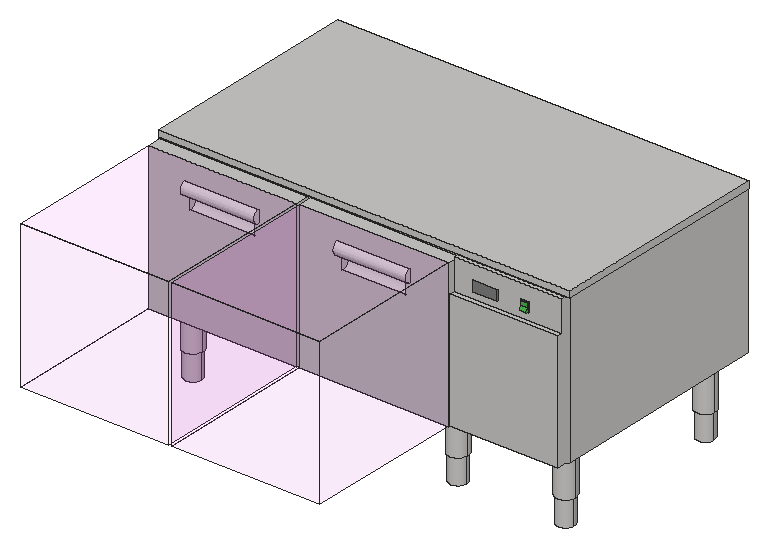
Revit family "QF_ZANUSSI_372290_Z7TTAECOMIN", category Specialty Equipment, Revit 2021
Family settings
  Round Connector Dimension = Use Diameter
  Part Type = Normal
  Work Plane-Based = No
  Always vertical = Yes
  Cut with Voids When Loaded = No
  Shared = No
  Room Calculation Point = No
Parameters (values of type "Standard")
  Weight = 95.00 kg
  Watts = 0 W
  Volts = 220 V
  URL Manufacturer = "http://www.zanussiprofessional.com"
  URL = "http://www.zanussiprofessional.com"
  Steam Supply Size = 0 mm
  Steam Supply Minimum Pressure = 0.0 Pa
  Steam Supply Maximum Pressure = 0.0 Pa
  Steam Pounds per Hour = 0
  Show Clearance [instance] = yes
  Refrigeration Suction Line Size = 0 mm
  Refrigeration Liquid Line Size = 0 mm
  Refrigerant Compressor Remote = yes
  Manufacturer = "Zanussi"
  Phase = 1
  Model = "Z7TTAECOMIN"
  Length Actual = 1200 mm
  Item Number = "372290"
  Hot Water Size = 0 mm
  Height Actual = 600 mm
  HP = "0.5 HP"
  Gas Size = 0 mm
  Gas KW = 0
  Gas Input Pressure = 0 W
  Direct Waste Size = 0 mm
  Description = "REFRIGERATED BASE WITH 2 DRAWERS 1200MM - R290"
  Depth Actual = 700 mm
  Default Elevation = 0 mm
  Cycle = 50 Hz
  Condensate Return Size = 0 mm
  Compressed Air Volume = 0.0 L/s
  Compressed Air Size = 0 mm
  Compressed Air Pressure = 0.0 Pa
  Cold Water Size = 0 mm
  Accessory = no
Reference planes
  plane 1 "Center X": y = -65.55
  plane 2: z = 0
  plane 3 "Centro (Sinistra/Destra)": x = 0
  plane 4: y = -315.05
  plane 5: y = 194.95
  plane 6 "BACK": y = 282.95
  plane 7 "FRONT": y = -414.05
  plane 8: y = -881.83
  plane 9: x = -544
  plane 10: x = 544
  plane 11: y = -369.551
  plane 12: x = 230
  plane 13: z = 200
  plane 14 "TOP": z = 630
  plane 15 "LEFT": x = -600
  plane 16 "RIGHT": x = 600
Forms (mm)
  Extrusion 1, solid, material "QF_Finishes_Stainless Steel"
    sketch origin (-1022.223, -1524, 200) x (-1, 0, 0) y (0, -1, 0)
      loop
        line (-423.223, -1806.95) -> (-423.223, -1154.449) -> (-1621.223, -1154.449) -> (-1621.223, -1806.95) -> (-423.223, -1806.95)
    from 0 to 430
  Extrusion 2, solid, material "QF_Finishes_Stainless Steel"
    sketch origin (599, 0, 0) x (0, 1, 0) y (0, 0, 1)
      loop
        line (-369.551, 629.527) -> (-386.314, 640.994) -> (-397.65, 640.994) -> (-397.65, 549.796) -> (-414.05, 549.796) -> (-414.05, 204.796) -> (-384.714, 204.796) -> (-374.993, 200) -> (-369.551, 200) -> (-369.551, 629.527)
    from 0 to -313
  Extrusion 3, solid, material "QF_Finishes_Black"
    sketch origin (567.8, -397.65, 630.994) x (0, 0, -1) y (1, 0, 0)
      loop
        line (32.198, -86.899) -> (61.199, -86.899) -> (61.199, -64.9) -> (32.198, -64.9) -> (32.198, -86.899)
    from 0 to 1.6
  Extrusion 4, solid, material "QF_Finishes_Grey"
    sketch origin (589, -397.65, 630.994) x (0, 0, -1) y (1, 0, 0)
      loop
        line (32.198, -248.099) -> (61.199, -248.099) -> (61.199, -178.099) -> (32.198, -178.099) -> (32.198, -248.099)
    from 0 to 1.6
  Extrusion 5, solid, material "QF_Finishes_Green"
    sketch origin (502.9, -397.65, 598.796) x (0, 0, -1) y (0, 1, 0)
      loop
        line (2.279, -3.281) -> (14.5, -3.281) -> (25.308, -8.985)
        arc (25.308, -8.985) -> (26.537, -5.394) -> (26.605, -1.6) r 12.221
        line (26.605, -1.6) -> (2.395, -1.6)
        arc (2.395, -1.6) -> (2.308, -2.439) -> (2.279, -3.281) r 12.221
    from -20 to -2
  Extrusion 6, solid, material "QF_Finishes_Stainless Steel"
    sketch origin (-1022.223, -1524, 200) x (-1, 0, 0) y (0, -1, 0)
      loop
        circle (-1581.223, -1646.95) r 12
    from -10 to 0
  Extrusion 7, solid, material "QF_Finishes_Stainless Steel"
    sketch origin (-599, 0, -5) x (0, 1, 0) y (0, 0, 1)
      loop
        line (-369.551, 635) -> (282.95, 635) -> (282.95, 655) -> (-369.551, 655) -> (-369.551, 635)
    from 1198 to 0
  Extrusion 8, solid, material "QF_Finishes_Handrails and Railings"
    sketch origin (-394.028, -157.946, 1924.198) x (0, 0.885087, 0.465426) y (0, -0.465426, 0.885087)
      loop
        arc (-854.629, -1074.965) -> (-878.641, -1082.427) -> (-871.18, -1106.439) r 17.78
        line (-871.18, -1106.439) -> (-854.629, -1074.965)
    from -93.472 to 121.528
  Extrusion 9, solid, material "QF_Finishes_Stainless Steel"
    sketch origin (-594.053, 285.95, 14.715) x (0, 1, 0) y (0, 0, 1)
      loop
        line (-700, 486.991) -> (-660.001, 486.991) -> (-660.001, 530.285) -> (-678.147, 530.285) -> (-678.147, 511.464)
        arc (-678.147, 511.464) -> (-684.405, 495.059) -> (-700, 486.991) r 24.63
    from 118.753 to 309.354
  Extrusion 10, solid, material "QF_Finishes_Handrails and Railings"
    sketch origin (47.972, -157.946, 1924.198) x (0, 0.885087, 0.465426) y (0, -0.465426, 0.885087)
      loop
        arc (-854.629, -1074.965) -> (-878.641, -1082.427) -> (-871.18, -1106.439) r 17.78
        line (-871.18, -1106.439) -> (-854.629, -1074.965)
    from -89.472 to 121.528
  Extrusion 11, solid, material "QF_Finishes_Stainless Steel"
    sketch origin (-152.053, 285.95, 14.715) x (0, 1, 0) y (0, 0, 1)
      loop
        line (-700, 486.991) -> (-660.001, 486.991) -> (-660.001, 530.285) -> (-678.147, 530.285) -> (-678.147, 511.464)
        arc (-678.147, 511.464) -> (-684.405, 495.059) -> (-700, 486.991) r 24.63
    from 122.753 to 309.354
  Extrusion 12, solid, material "QF_Door-Drawer Clearances", visible <- "Show Clearance"
    sketch origin (200, -414.05, 0) x (1, 0, 0) y (0, 0, 1)
      loop
        line (-795, 629.2) -> (-795, 201.587) -> (-360.999, 201.587) -> (-360.999, 629.2) -> (-795, 629.2)
      loop
        line (-353, 629.2) -> (-353, 201.587) -> (81, 201.587) -> (81, 629.2) -> (-353, 629.2)
    from 0 to 467.78
  Extrusion 13, solid, material "QF_Finishes_Stainless Steel"
    sketch origin (0, -414.05, 0) x (-1, 0, 0) y (0, 0, 1)
      loop
        line (595, 629.2) -> (160.999, 629.2) -> (160.999, 201.587) -> (595, 201.587) -> (595, 629.2)
      loop
        line (153, 629.2) -> (-281, 629.2) -> (-281, 201.587) -> (153, 201.587) -> (153, 629.2)
      loop
        line (475.3, 501.706) -> (475.3, 545) -> (284.699, 545) -> (284.699, 501.706) -> (475.3, 501.706)
      loop
        line (29.3, 501.706) -> (29.3, 545) -> (-157.301, 545) -> (-157.301, 501.706) -> (29.3, 501.706)
    from 0 to 40
Lines and regions (mm)
  Split face 1
    outline origin (589, -399.25, 630.994) x (0, 0, -1) y (1, 0, 0)
      loop
        line (37.198, -238.099) -> (52.198, -238.099) -> (52.198, -188.099) -> (37.198, -188.099) -> (37.198, -238.099)
  Split face 2
    outline origin (589, -399.25, 630.994) x (0, 0, -1) y (1, 0, 0)
      loop
        line (59.151, -238.099) -> (59.151, -227.099) -> (54.151, -227.099) -> (54.151, -238.099) -> (59.151, -238.099)
  Split face 3
    outline origin (589, -399.25, 630.994) x (0, 0, -1) y (1, 0, 0)
      loop
        line (54.151, -225.099) -> (59.151, -225.099) -> (59.151, -214.099) -> (54.151, -214.099) -> (54.151, -225.099)
  Split face 4
    outline origin (602, -399.25, 630.994) x (0, 0, -1) y (1, 0, 0)
      loop
        line (54.151, -225.099) -> (59.151, -225.099) -> (59.151, -214.099) -> (54.151, -214.099) -> (54.151, -225.099)
  Split face 5
    outline origin (615, -399.25, 630.994) x (0, 0, -1) y (1, 0, 0)
      loop
        line (54.151, -225.099) -> (59.151, -225.099) -> (59.151, -214.099) -> (54.151, -214.099) -> (54.151, -225.099)
  Split face 6
    outline origin (296, -414.05, 713.499) x (1, 0, 0) y (0, 0, 1)
      loop
        arc (52.48, -282.599) -> (56.5, -278.61) -> (52.5, -274.599) r 4
        line (52.5, -274.599) -> (20.5, -274.599)
        arc (20.5, -274.599) -> (16.5, -278.61) -> (20.521, -282.599) r 4
        line (20.521, -282.599) -> (52.48, -282.599)
  Split face 7
    outline origin (296, -414.05, 725.499) x (1, 0, 0) y (0, 0, 1)
      loop
        arc (52.48, -282.599) -> (56.5, -278.61) -> (52.5, -274.599) r 4
        line (52.5, -274.599) -> (20.5, -274.599)
        arc (20.5, -274.599) -> (16.5, -278.61) -> (20.521, -282.599) r 4
        line (20.521, -282.599) -> (52.48, -282.599)
  Split face 8
    outline origin (296, -414.05, 737.499) x (1, 0, 0) y (0, 0, 1)
      loop
        arc (52.48, -282.599) -> (56.5, -278.61) -> (52.5, -274.599) r 4
        line (52.5, -274.599) -> (20.5, -274.599)
        arc (20.5, -274.599) -> (16.5, -278.61) -> (20.521, -282.599) r 4
        line (20.521, -282.599) -> (52.48, -282.599)
  Split face 9
    outline origin (296, -414.05, 749.396) x (1, 0, 0) y (0, 0, 1)
      loop
        arc (52.48, -282.599) -> (56.5, -278.61) -> (52.5, -274.599) r 4
        line (52.5, -274.599) -> (20.5, -274.599)
        arc (20.5, -274.599) -> (16.5, -278.61) -> (20.521, -282.599) r 4
        line (20.521, -282.599) -> (52.48, -282.599)
  Split face 10
    outline origin (296, -414.05, 761.395) x (1, 0, 0) y (0, 0, 1)
      loop
        arc (52.48, -282.599) -> (56.5, -278.61) -> (52.5, -274.599) r 4
        line (52.5, -274.599) -> (20.5, -274.599)
        arc (20.5, -274.599) -> (16.5, -278.61) -> (20.521, -282.599) r 4
        line (20.521, -282.599) -> (52.48, -282.599)
  Split face 11
    outline origin (296, -414.05, 773.395) x (1, 0, 0) y (0, 0, 1)
      loop
        arc (52.48, -282.599) -> (56.5, -278.61) -> (52.5, -274.599) r 4
        line (52.5, -274.599) -> (20.5, -274.599)
        arc (20.5, -274.599) -> (16.5, -278.61) -> (20.521, -282.599) r 4
        line (20.521, -282.599) -> (52.48, -282.599)
  Split face 12
    outline origin (296, -414.05, 785.395) x (1, 0, 0) y (0, 0, 1)
      loop
        arc (52.48, -282.599) -> (56.5, -278.61) -> (52.5, -274.599) r 4
        line (52.5, -274.599) -> (20.5, -274.599)
        arc (20.5, -274.599) -> (16.5, -278.61) -> (20.521, -282.599) r 4
        line (20.521, -282.599) -> (52.48, -282.599)
  Split face 13
    outline origin (296, -414.05, 797.395) x (1, 0, 0) y (0, 0, 1)
      loop
        arc (52.48, -282.599) -> (56.5, -278.61) -> (52.5, -274.599) r 4
        line (52.5, -274.599) -> (20.5, -274.599)
        arc (20.5, -274.599) -> (16.5, -278.61) -> (20.521, -282.599) r 4
        line (20.521, -282.599) -> (52.48, -282.599)
  Split face 14
    outline origin (296, -414.05, 809.395) x (1, 0, 0) y (0, 0, 1)
      loop
        arc (52.48, -282.599) -> (56.5, -278.61) -> (52.5, -274.599) r 4
        line (52.5, -274.599) -> (20.5, -274.599)
        arc (20.5, -274.599) -> (16.5, -278.61) -> (20.521, -282.599) r 4
        line (20.521, -282.599) -> (52.48, -282.599)
  Split face 15
    outline origin (296, -414.05, 701.499) x (1, 0, 0) y (0, 0, 1)
      loop
        arc (52.48, -282.599) -> (56.5, -278.61) -> (52.5, -274.599) r 4
        line (52.5, -274.599) -> (20.5, -274.599)
        arc (20.5, -274.599) -> (16.5, -278.61) -> (20.521, -282.599) r 4
        line (20.521, -282.599) -> (52.48, -282.599)
  Split face 16
    outline origin (296, -414.05, 605.603) x (1, 0, 0) y (0, 0, 1)
      loop
        arc (52.48, -282.599) -> (56.5, -278.61) -> (52.5, -274.599) r 4
        line (52.5, -274.599) -> (20.5, -274.599)
        arc (20.5, -274.599) -> (16.5, -278.61) -> (20.521, -282.599) r 4
        line (20.521, -282.599) -> (52.48, -282.599)
  Split face 17
    outline origin (296, -414.05, 617.603) x (1, 0, 0) y (0, 0, 1)
      loop
        arc (52.48, -282.599) -> (56.5, -278.61) -> (52.5, -274.599) r 4
        line (52.5, -274.599) -> (20.5, -274.599)
        arc (20.5, -274.599) -> (16.5, -278.61) -> (20.521, -282.599) r 4
        line (20.521, -282.599) -> (52.48, -282.599)
  Split face 18
    outline origin (296, -414.05, 629.602) x (1, 0, 0) y (0, 0, 1)
      loop
        arc (52.48, -282.599) -> (56.5, -278.61) -> (52.5, -274.599) r 4
        line (52.5, -274.599) -> (20.5, -274.599)
        arc (20.5, -274.599) -> (16.5, -278.61) -> (20.521, -282.599) r 4
        line (20.521, -282.599) -> (52.48, -282.599)
  Split face 19
    outline origin (296, -414.05, 677.499) x (1, 0, 0) y (0, 0, 1)
      loop
        arc (52.48, -282.599) -> (56.5, -278.61) -> (52.5, -274.599) r 4
        line (52.5, -274.599) -> (20.5, -274.599)
        arc (20.5, -274.599) -> (16.5, -278.61) -> (20.521, -282.599) r 4
        line (20.521, -282.599) -> (52.48, -282.599)
  Split face 20
    outline origin (296, -414.05, 689.499) x (1, 0, 0) y (0, 0, 1)
      loop
        arc (52.48, -282.599) -> (56.5, -278.61) -> (52.5, -274.599) r 4
        line (52.5, -274.599) -> (20.5, -274.599)
        arc (20.5, -274.599) -> (16.5, -278.61) -> (20.521, -282.599) r 4
        line (20.521, -282.599) -> (52.48, -282.599)
  Split face 21
    outline origin (296, -414.05, 593.603) x (1, 0, 0) y (0, 0, 1)
      loop
        arc (52.48, -282.599) -> (56.5, -278.61) -> (52.5, -274.599) r 4
        line (52.5, -274.599) -> (20.5, -274.599)
        arc (20.5, -274.599) -> (16.5, -278.61) -> (20.521, -282.599) r 4
        line (20.521, -282.599) -> (52.48, -282.599)
  Split face 22
    outline origin (296, -414.05, 497.707) x (1, 0, 0) y (0, 0, 1)
      loop
        arc (52.48, -282.599) -> (56.5, -278.61) -> (52.5, -274.599) r 4
        line (52.5, -274.599) -> (20.5, -274.599)
        arc (20.5, -274.599) -> (16.5, -278.61) -> (20.521, -282.599) r 4
        line (20.521, -282.599) -> (52.48, -282.599)
  Split face 23
    outline origin (296, -414.05, 509.707) x (1, 0, 0) y (0, 0, 1)
      loop
        arc (52.48, -282.599) -> (56.5, -278.61) -> (52.5, -274.599) r 4
        line (52.5, -274.599) -> (20.5, -274.599)
        arc (20.5, -274.599) -> (16.5, -278.61) -> (20.521, -282.599) r 4
        line (20.521, -282.599) -> (52.48, -282.599)
  Split face 24
    outline origin (296, -414.05, 521.706) x (1, 0, 0) y (0, 0, 1)
      loop
        arc (52.48, -282.599) -> (56.5, -278.61) -> (52.5, -274.599) r 4
        line (52.5, -274.599) -> (20.5, -274.599)
        arc (20.5, -274.599) -> (16.5, -278.61) -> (20.521, -282.599) r 4
        line (20.521, -282.599) -> (52.48, -282.599)
  Split face 25
    outline origin (296, -414.05, 533.604) x (1, 0, 0) y (0, 0, 1)
      loop
        arc (52.48, -282.599) -> (56.5, -278.61) -> (52.5, -274.599) r 4
        line (52.5, -274.599) -> (20.5, -274.599)
        arc (20.5, -274.599) -> (16.5, -278.61) -> (20.521, -282.599) r 4
        line (20.521, -282.599) -> (52.48, -282.599)
  Split face 26
    outline origin (296, -414.05, 545.603) x (1, 0, 0) y (0, 0, 1)
      loop
        arc (52.48, -282.599) -> (56.5, -278.61) -> (52.5, -274.599) r 4
        line (52.5, -274.599) -> (20.5, -274.599)
        arc (20.5, -274.599) -> (16.5, -278.61) -> (20.521, -282.599) r 4
        line (20.521, -282.599) -> (52.48, -282.599)
  Split face 27
    outline origin (296, -414.05, 557.603) x (1, 0, 0) y (0, 0, 1)
      loop
        arc (52.48, -282.599) -> (56.5, -278.61) -> (52.5, -274.599) r 4
        line (52.5, -274.599) -> (20.5, -274.599)
        arc (20.5, -274.599) -> (16.5, -278.61) -> (20.521, -282.599) r 4
        line (20.521, -282.599) -> (52.48, -282.599)
  Split face 28
    outline origin (296, -414.05, 569.603) x (1, 0, 0) y (0, 0, 1)
      loop
        arc (52.48, -282.599) -> (56.5, -278.61) -> (52.5, -274.599) r 4
        line (52.5, -274.599) -> (20.5, -274.599)
        arc (20.5, -274.599) -> (16.5, -278.61) -> (20.521, -282.599) r 4
        line (20.521, -282.599) -> (52.48, -282.599)
  Split face 29
    outline origin (296, -414.05, 581.603) x (1, 0, 0) y (0, 0, 1)
      loop
        arc (52.48, -282.599) -> (56.5, -278.61) -> (52.5, -274.599) r 4
        line (52.5, -274.599) -> (20.5, -274.599)
        arc (20.5, -274.599) -> (16.5, -278.61) -> (20.521, -282.599) r 4
        line (20.521, -282.599) -> (52.48, -282.599)
  Split face 30
    outline origin (351, -414.05, 713.499) x (1, 0, 0) y (0, 0, 1)
      loop
        arc (52.48, -282.599) -> (56.5, -278.61) -> (52.5, -274.599) r 4
        line (52.5, -274.599) -> (20.5, -274.599)
        arc (20.5, -274.599) -> (16.5, -278.61) -> (20.521, -282.599) r 4
        line (20.521, -282.599) -> (52.48, -282.599)
  Split face 31
    outline origin (351, -414.05, 725.499) x (1, 0, 0) y (0, 0, 1)
      loop
        arc (52.48, -282.599) -> (56.5, -278.61) -> (52.5, -274.599) r 4
        line (52.5, -274.599) -> (20.5, -274.599)
        arc (20.5, -274.599) -> (16.5, -278.61) -> (20.521, -282.599) r 4
        line (20.521, -282.599) -> (52.48, -282.599)
  Split face 32
    outline origin (351, -414.05, 737.499) x (1, 0, 0) y (0, 0, 1)
      loop
        arc (52.48, -282.599) -> (56.5, -278.61) -> (52.5, -274.599) r 4
        line (52.5, -274.599) -> (20.5, -274.599)
        arc (20.5, -274.599) -> (16.5, -278.61) -> (20.521, -282.599) r 4
        line (20.521, -282.599) -> (52.48, -282.599)
  Split face 33
    outline origin (351, -414.05, 749.396) x (1, 0, 0) y (0, 0, 1)
      loop
        arc (52.48, -282.599) -> (56.5, -278.61) -> (52.5, -274.599) r 4
        line (52.5, -274.599) -> (20.5, -274.599)
        arc (20.5, -274.599) -> (16.5, -278.61) -> (20.521, -282.599) r 4
        line (20.521, -282.599) -> (52.48, -282.599)
  Split face 34
    outline origin (351, -414.05, 761.395) x (1, 0, 0) y (0, 0, 1)
      loop
        arc (52.48, -282.599) -> (56.5, -278.61) -> (52.5, -274.599) r 4
        line (52.5, -274.599) -> (20.5, -274.599)
        arc (20.5, -274.599) -> (16.5, -278.61) -> (20.521, -282.599) r 4
        line (20.521, -282.599) -> (52.48, -282.599)
  Split face 35
    outline origin (351, -414.05, 773.395) x (1, 0, 0) y (0, 0, 1)
      loop
        arc (52.48, -282.599) -> (56.5, -278.61) -> (52.5, -274.599) r 4
        line (52.5, -274.599) -> (20.5, -274.599)
        arc (20.5, -274.599) -> (16.5, -278.61) -> (20.521, -282.599) r 4
        line (20.521, -282.599) -> (52.48, -282.599)
  Split face 36
    outline origin (351, -414.05, 785.395) x (1, 0, 0) y (0, 0, 1)
      loop
        arc (52.48, -282.599) -> (56.5, -278.61) -> (52.5, -274.599) r 4
        line (52.5, -274.599) -> (20.5, -274.599)
        arc (20.5, -274.599) -> (16.5, -278.61) -> (20.521, -282.599) r 4
        line (20.521, -282.599) -> (52.48, -282.599)
  Split face 37
    outline origin (351, -414.05, 797.395) x (1, 0, 0) y (0, 0, 1)
      loop
        arc (52.48, -282.599) -> (56.5, -278.61) -> (52.5, -274.599) r 4
        line (52.5, -274.599) -> (20.5, -274.599)
        arc (20.5, -274.599) -> (16.5, -278.61) -> (20.521, -282.599) r 4
        line (20.521, -282.599) -> (52.48, -282.599)
  Split face 38
    outline origin (351, -414.05, 809.395) x (1, 0, 0) y (0, 0, 1)
      loop
        arc (52.48, -282.599) -> (56.5, -278.61) -> (52.5, -274.599) r 4
        line (52.5, -274.599) -> (20.5, -274.599)
        arc (20.5, -274.599) -> (16.5, -278.61) -> (20.521, -282.599) r 4
        line (20.521, -282.599) -> (52.48, -282.599)
  Split face 39
    outline origin (351, -414.05, 701.499) x (1, 0, 0) y (0, 0, 1)
      loop
        arc (52.48, -282.599) -> (56.5, -278.61) -> (52.5, -274.599) r 4
        line (52.5, -274.599) -> (20.5, -274.599)
        arc (20.5, -274.599) -> (16.5, -278.61) -> (20.521, -282.599) r 4
        line (20.521, -282.599) -> (52.48, -282.599)
  Split face 40
    outline origin (351, -414.05, 605.603) x (1, 0, 0) y (0, 0, 1)
      loop
        arc (52.48, -282.599) -> (56.5, -278.61) -> (52.5, -274.599) r 4
        line (52.5, -274.599) -> (20.5, -274.599)
        arc (20.5, -274.599) -> (16.5, -278.61) -> (20.521, -282.599) r 4
        line (20.521, -282.599) -> (52.48, -282.599)
  Split face 41
    outline origin (351, -414.05, 617.603) x (1, 0, 0) y (0, 0, 1)
      loop
        arc (52.48, -282.599) -> (56.5, -278.61) -> (52.5, -274.599) r 4
        line (52.5, -274.599) -> (20.5, -274.599)
        arc (20.5, -274.599) -> (16.5, -278.61) -> (20.521, -282.599) r 4
        line (20.521, -282.599) -> (52.48, -282.599)
  Split face 42
    outline origin (351, -414.05, 629.602) x (1, 0, 0) y (0, 0, 1)
      loop
        arc (52.48, -282.599) -> (56.5, -278.61) -> (52.5, -274.599) r 4
        line (52.5, -274.599) -> (20.5, -274.599)
        arc (20.5, -274.599) -> (16.5, -278.61) -> (20.521, -282.599) r 4
        line (20.521, -282.599) -> (52.48, -282.599)
  Split face 43
    outline origin (351, -414.05, 677.499) x (1, 0, 0) y (0, 0, 1)
      loop
        arc (52.48, -282.599) -> (56.5, -278.61) -> (52.5, -274.599) r 4
        line (52.5, -274.599) -> (20.5, -274.599)
        arc (20.5, -274.599) -> (16.5, -278.61) -> (20.521, -282.599) r 4
        line (20.521, -282.599) -> (52.48, -282.599)
  Split face 44
    outline origin (351, -414.05, 689.499) x (1, 0, 0) y (0, 0, 1)
      loop
        arc (52.48, -282.599) -> (56.5, -278.61) -> (52.5, -274.599) r 4
        line (52.5, -274.599) -> (20.5, -274.599)
        arc (20.5, -274.599) -> (16.5, -278.61) -> (20.521, -282.599) r 4
        line (20.521, -282.599) -> (52.48, -282.599)
  Split face 45
    outline origin (351, -414.05, 593.603) x (1, 0, 0) y (0, 0, 1)
      loop
        arc (52.48, -282.599) -> (56.5, -278.61) -> (52.5, -274.599) r 4
        line (52.5, -274.599) -> (20.5, -274.599)
        arc (20.5, -274.599) -> (16.5, -278.61) -> (20.521, -282.599) r 4
        line (20.521, -282.599) -> (52.48, -282.599)
  Split face 46
    outline origin (351, -414.05, 497.707) x (1, 0, 0) y (0, 0, 1)
      loop
        arc (52.48, -282.599) -> (56.5, -278.61) -> (52.5, -274.599) r 4
        line (52.5, -274.599) -> (20.5, -274.599)
        arc (20.5, -274.599) -> (16.5, -278.61) -> (20.521, -282.599) r 4
        line (20.521, -282.599) -> (52.48, -282.599)
  Split face 47
    outline origin (351, -414.05, 509.707) x (1, 0, 0) y (0, 0, 1)
      loop
        arc (52.48, -282.599) -> (56.5, -278.61) -> (52.5, -274.599) r 4
        line (52.5, -274.599) -> (20.5, -274.599)
        arc (20.5, -274.599) -> (16.5, -278.61) -> (20.521, -282.599) r 4
        line (20.521, -282.599) -> (52.48, -282.599)
  Split face 48
    outline origin (351, -414.05, 521.706) x (1, 0, 0) y (0, 0, 1)
      loop
        arc (52.48, -282.599) -> (56.5, -278.61) -> (52.5, -274.599) r 4
        line (52.5, -274.599) -> (20.5, -274.599)
        arc (20.5, -274.599) -> (16.5, -278.61) -> (20.521, -282.599) r 4
        line (20.521, -282.599) -> (52.48, -282.599)
  Split face 49
    outline origin (351, -414.05, 533.604) x (1, 0, 0) y (0, 0, 1)
      loop
        arc (52.48, -282.599) -> (56.5, -278.61) -> (52.5, -274.599) r 4
        line (52.5, -274.599) -> (20.5, -274.599)
        arc (20.5, -274.599) -> (16.5, -278.61) -> (20.521, -282.599) r 4
        line (20.521, -282.599) -> (52.48, -282.599)
  Split face 50
    outline origin (351, -414.05, 545.603) x (1, 0, 0) y (0, 0, 1)
      loop
        arc (52.48, -282.599) -> (56.5, -278.61) -> (52.5, -274.599) r 4
        line (52.5, -274.599) -> (20.5, -274.599)
        arc (20.5, -274.599) -> (16.5, -278.61) -> (20.521, -282.599) r 4
        line (20.521, -282.599) -> (52.48, -282.599)
  Split face 51
    outline origin (351, -414.05, 557.603) x (1, 0, 0) y (0, 0, 1)
      loop
        arc (52.48, -282.599) -> (56.5, -278.61) -> (52.5, -274.599) r 4
        line (52.5, -274.599) -> (20.5, -274.599)
        arc (20.5, -274.599) -> (16.5, -278.61) -> (20.521, -282.599) r 4
        line (20.521, -282.599) -> (52.48, -282.599)
  Split face 52
    outline origin (351, -414.05, 569.603) x (1, 0, 0) y (0, 0, 1)
      loop
        arc (52.48, -282.599) -> (56.5, -278.61) -> (52.5, -274.599) r 4
        line (52.5, -274.599) -> (20.5, -274.599)
        arc (20.5, -274.599) -> (16.5, -278.61) -> (20.521, -282.599) r 4
        line (20.521, -282.599) -> (52.48, -282.599)
  Split face 53
    outline origin (351, -414.05, 581.603) x (1, 0, 0) y (0, 0, 1)
      loop
        arc (52.48, -282.599) -> (56.5, -278.61) -> (52.5, -274.599) r 4
        line (52.5, -274.599) -> (20.5, -274.599)
        arc (20.5, -274.599) -> (16.5, -278.61) -> (20.521, -282.599) r 4
        line (20.521, -282.599) -> (52.48, -282.599)
  Split face 54
    outline origin (406, -414.05, 713.499) x (1, 0, 0) y (0, 0, 1)
      loop
        arc (52.48, -282.599) -> (56.5, -278.61) -> (52.5, -274.599) r 4
        line (52.5, -274.599) -> (20.5, -274.599)
        arc (20.5, -274.599) -> (16.5, -278.61) -> (20.521, -282.599) r 4
        line (20.521, -282.599) -> (52.48, -282.599)
  Split face 55
    outline origin (406, -414.05, 725.499) x (1, 0, 0) y (0, 0, 1)
      loop
        arc (52.48, -282.599) -> (56.5, -278.61) -> (52.5, -274.599) r 4
        line (52.5, -274.599) -> (20.5, -274.599)
        arc (20.5, -274.599) -> (16.5, -278.61) -> (20.521, -282.599) r 4
        line (20.521, -282.599) -> (52.48, -282.599)
  Split face 56
    outline origin (406, -414.05, 737.499) x (1, 0, 0) y (0, 0, 1)
      loop
        arc (52.48, -282.599) -> (56.5, -278.61) -> (52.5, -274.599) r 4
        line (52.5, -274.599) -> (20.5, -274.599)
        arc (20.5, -274.599) -> (16.5, -278.61) -> (20.521, -282.599) r 4
        line (20.521, -282.599) -> (52.48, -282.599)
  Split face 57
    outline origin (406, -414.05, 749.396) x (1, 0, 0) y (0, 0, 1)
      loop
        arc (52.48, -282.599) -> (56.5, -278.61) -> (52.5, -274.599) r 4
        line (52.5, -274.599) -> (20.5, -274.599)
        arc (20.5, -274.599) -> (16.5, -278.61) -> (20.521, -282.599) r 4
        line (20.521, -282.599) -> (52.48, -282.599)
  Split face 58
    outline origin (406, -414.05, 761.395) x (1, 0, 0) y (0, 0, 1)
      loop
        arc (52.48, -282.599) -> (56.5, -278.61) -> (52.5, -274.599) r 4
        line (52.5, -274.599) -> (20.5, -274.599)
        arc (20.5, -274.599) -> (16.5, -278.61) -> (20.521, -282.599) r 4
        line (20.521, -282.599) -> (52.48, -282.599)
  Split face 59
    outline origin (406, -414.05, 773.395) x (1, 0, 0) y (0, 0, 1)
      loop
        arc (52.48, -282.599) -> (56.5, -278.61) -> (52.5, -274.599) r 4
        line (52.5, -274.599) -> (20.5, -274.599)
        arc (20.5, -274.599) -> (16.5, -278.61) -> (20.521, -282.599) r 4
        line (20.521, -282.599) -> (52.48, -282.599)
  Split face 60
    outline origin (406, -414.05, 785.395) x (1, 0, 0) y (0, 0, 1)
      loop
        arc (52.48, -282.599) -> (56.5, -278.61) -> (52.5, -274.599) r 4
        line (52.5, -274.599) -> (20.5, -274.599)
        arc (20.5, -274.599) -> (16.5, -278.61) -> (20.521, -282.599) r 4
        line (20.521, -282.599) -> (52.48, -282.599)
  Split face 61
    outline origin (406, -414.05, 797.395) x (1, 0, 0) y (0, 0, 1)
      loop
        arc (52.48, -282.599) -> (56.5, -278.61) -> (52.5, -274.599) r 4
        line (52.5, -274.599) -> (20.5, -274.599)
        arc (20.5, -274.599) -> (16.5, -278.61) -> (20.521, -282.599) r 4
        line (20.521, -282.599) -> (52.48, -282.599)
  Split face 62
    outline origin (406, -414.05, 809.395) x (1, 0, 0) y (0, 0, 1)
      loop
        arc (52.48, -282.599) -> (56.5, -278.61) -> (52.5, -274.599) r 4
        line (52.5, -274.599) -> (20.5, -274.599)
        arc (20.5, -274.599) -> (16.5, -278.61) -> (20.521, -282.599) r 4
        line (20.521, -282.599) -> (52.48, -282.599)
  Split face 63
    outline origin (406, -414.05, 701.499) x (1, 0, 0) y (0, 0, 1)
      loop
        arc (52.48, -282.599) -> (56.5, -278.61) -> (52.5, -274.599) r 4
        line (52.5, -274.599) -> (20.5, -274.599)
        arc (20.5, -274.599) -> (16.5, -278.61) -> (20.521, -282.599) r 4
        line (20.521, -282.599) -> (52.48, -282.599)
  Split face 64
    outline origin (406, -414.05, 605.603) x (1, 0, 0) y (0, 0, 1)
      loop
        arc (52.48, -282.599) -> (56.5, -278.61) -> (52.5, -274.599) r 4
        line (52.5, -274.599) -> (20.5, -274.599)
        arc (20.5, -274.599) -> (16.5, -278.61) -> (20.521, -282.599) r 4
        line (20.521, -282.599) -> (52.48, -282.599)
  Split face 65
    outline origin (406, -414.05, 617.603) x (1, 0, 0) y (0, 0, 1)
      loop
        arc (52.48, -282.599) -> (56.5, -278.61) -> (52.5, -274.599) r 4
        line (52.5, -274.599) -> (20.5, -274.599)
        arc (20.5, -274.599) -> (16.5, -278.61) -> (20.521, -282.599) r 4
        line (20.521, -282.599) -> (52.48, -282.599)
  Split face 66
    outline origin (406, -414.05, 629.602) x (1, 0, 0) y (0, 0, 1)
      loop
        arc (52.48, -282.599) -> (56.5, -278.61) -> (52.5, -274.599) r 4
        line (52.5, -274.599) -> (20.5, -274.599)
        arc (20.5, -274.599) -> (16.5, -278.61) -> (20.521, -282.599) r 4
        line (20.521, -282.599) -> (52.48, -282.599)
  Split face 67
    outline origin (406, -414.05, 677.499) x (1, 0, 0) y (0, 0, 1)
      loop
        arc (52.48, -282.599) -> (56.5, -278.61) -> (52.5, -274.599) r 4
        line (52.5, -274.599) -> (20.5, -274.599)
        arc (20.5, -274.599) -> (16.5, -278.61) -> (20.521, -282.599) r 4
        line (20.521, -282.599) -> (52.48, -282.599)
  Split face 68
    outline origin (406, -414.05, 689.499) x (1, 0, 0) y (0, 0, 1)
      loop
        arc (52.48, -282.599) -> (56.5, -278.61) -> (52.5, -274.599) r 4
        line (52.5, -274.599) -> (20.5, -274.599)
        arc (20.5, -274.599) -> (16.5, -278.61) -> (20.521, -282.599) r 4
        line (20.521, -282.599) -> (52.48, -282.599)
  Split face 69
    outline origin (406, -414.05, 593.603) x (1, 0, 0) y (0, 0, 1)
      loop
        arc (52.48, -282.599) -> (56.5, -278.61) -> (52.5, -274.599) r 4
        line (52.5, -274.599) -> (20.5, -274.599)
        arc (20.5, -274.599) -> (16.5, -278.61) -> (20.521, -282.599) r 4
        line (20.521, -282.599) -> (52.48, -282.599)
  Split face 70
    outline origin (406, -414.05, 497.707) x (1, 0, 0) y (0, 0, 1)
      loop
        arc (52.48, -282.599) -> (56.5, -278.61) -> (52.5, -274.599) r 4
        line (52.5, -274.599) -> (20.5, -274.599)
        arc (20.5, -274.599) -> (16.5, -278.61) -> (20.521, -282.599) r 4
        line (20.521, -282.599) -> (52.48, -282.599)
  Split face 71
    outline origin (406, -414.05, 509.707) x (1, 0, 0) y (0, 0, 1)
      loop
        arc (52.48, -282.599) -> (56.5, -278.61) -> (52.5, -274.599) r 4
        line (52.5, -274.599) -> (20.5, -274.599)
        arc (20.5, -274.599) -> (16.5, -278.61) -> (20.521, -282.599) r 4
        line (20.521, -282.599) -> (52.48, -282.599)
  Split face 72
    outline origin (406, -414.05, 521.706) x (1, 0, 0) y (0, 0, 1)
      loop
        arc (52.48, -282.599) -> (56.5, -278.61) -> (52.5, -274.599) r 4
        line (52.5, -274.599) -> (20.5, -274.599)
        arc (20.5, -274.599) -> (16.5, -278.61) -> (20.521, -282.599) r 4
        line (20.521, -282.599) -> (52.48, -282.599)
  Split face 73
    outline origin (406, -414.05, 533.604) x (1, 0, 0) y (0, 0, 1)
      loop
        arc (52.48, -282.599) -> (56.5, -278.61) -> (52.5, -274.599) r 4
        line (52.5, -274.599) -> (20.5, -274.599)
        arc (20.5, -274.599) -> (16.5, -278.61) -> (20.521, -282.599) r 4
        line (20.521, -282.599) -> (52.48, -282.599)
  Split face 74
    outline origin (406, -414.05, 545.603) x (1, 0, 0) y (0, 0, 1)
      loop
        arc (52.48, -282.599) -> (56.5, -278.61) -> (52.5, -274.599) r 4
        line (52.5, -274.599) -> (20.5, -274.599)
        arc (20.5, -274.599) -> (16.5, -278.61) -> (20.521, -282.599) r 4
        line (20.521, -282.599) -> (52.48, -282.599)
  Split face 75
    outline origin (406, -414.05, 557.603) x (1, 0, 0) y (0, 0, 1)
      loop
        arc (52.48, -282.599) -> (56.5, -278.61) -> (52.5, -274.599) r 4
        line (52.5, -274.599) -> (20.5, -274.599)
        arc (20.5, -274.599) -> (16.5, -278.61) -> (20.521, -282.599) r 4
        line (20.521, -282.599) -> (52.48, -282.599)
  Split face 76
    outline origin (406, -414.05, 569.603) x (1, 0, 0) y (0, 0, 1)
      loop
        arc (52.48, -282.599) -> (56.5, -278.61) -> (52.5, -274.599) r 4
        line (52.5, -274.599) -> (20.5, -274.599)
        arc (20.5, -274.599) -> (16.5, -278.61) -> (20.521, -282.599) r 4
        line (20.521, -282.599) -> (52.48, -282.599)
  Split face 77
    outline origin (406, -414.05, 581.603) x (1, 0, 0) y (0, 0, 1)
      loop
        arc (52.48, -282.599) -> (56.5, -278.61) -> (52.5, -274.599) r 4
        line (52.5, -274.599) -> (20.5, -274.599)
        arc (20.5, -274.599) -> (16.5, -278.61) -> (20.521, -282.599) r 4
        line (20.521, -282.599) -> (52.48, -282.599)
  Split face 78
    outline origin (461, -414.05, 713.499) x (1, 0, 0) y (0, 0, 1)
      loop
        arc (52.48, -282.599) -> (56.5, -278.61) -> (52.5, -274.599) r 4
        line (52.5, -274.599) -> (20.5, -274.599)
        arc (20.5, -274.599) -> (16.5, -278.61) -> (20.521, -282.599) r 4
        line (20.521, -282.599) -> (52.48, -282.599)
  Split face 79
    outline origin (461, -414.05, 725.499) x (1, 0, 0) y (0, 0, 1)
      loop
        arc (52.48, -282.599) -> (56.5, -278.61) -> (52.5, -274.599) r 4
        line (52.5, -274.599) -> (20.5, -274.599)
        arc (20.5, -274.599) -> (16.5, -278.61) -> (20.521, -282.599) r 4
        line (20.521, -282.599) -> (52.48, -282.599)
  Split face 80
    outline origin (461, -414.05, 737.499) x (1, 0, 0) y (0, 0, 1)
      loop
        arc (52.48, -282.599) -> (56.5, -278.61) -> (52.5, -274.599) r 4
        line (52.5, -274.599) -> (20.5, -274.599)
        arc (20.5, -274.599) -> (16.5, -278.61) -> (20.521, -282.599) r 4
        line (20.521, -282.599) -> (52.48, -282.599)
  Split face 81
    outline origin (461, -414.05, 749.396) x (1, 0, 0) y (0, 0, 1)
      loop
        arc (52.48, -282.599) -> (56.5, -278.61) -> (52.5, -274.599) r 4
        line (52.5, -274.599) -> (20.5, -274.599)
        arc (20.5, -274.599) -> (16.5, -278.61) -> (20.521, -282.599) r 4
        line (20.521, -282.599) -> (52.48, -282.599)
  Split face 82
    outline origin (461, -414.05, 761.395) x (1, 0, 0) y (0, 0, 1)
      loop
        arc (52.48, -282.599) -> (56.5, -278.61) -> (52.5, -274.599) r 4
        line (52.5, -274.599) -> (20.5, -274.599)
        arc (20.5, -274.599) -> (16.5, -278.61) -> (20.521, -282.599) r 4
        line (20.521, -282.599) -> (52.48, -282.599)
  Split face 83
    outline origin (461, -414.05, 773.395) x (1, 0, 0) y (0, 0, 1)
      loop
        arc (52.48, -282.599) -> (56.5, -278.61) -> (52.5, -274.599) r 4
        line (52.5, -274.599) -> (20.5, -274.599)
        arc (20.5, -274.599) -> (16.5, -278.61) -> (20.521, -282.599) r 4
        line (20.521, -282.599) -> (52.48, -282.599)
  Split face 84
    outline origin (461, -414.05, 785.395) x (1, 0, 0) y (0, 0, 1)
      loop
        arc (52.48, -282.599) -> (56.5, -278.61) -> (52.5, -274.599) r 4
        line (52.5, -274.599) -> (20.5, -274.599)
        arc (20.5, -274.599) -> (16.5, -278.61) -> (20.521, -282.599) r 4
        line (20.521, -282.599) -> (52.48, -282.599)
  Split face 85
    outline origin (461, -414.05, 797.395) x (1, 0, 0) y (0, 0, 1)
      loop
        arc (52.48, -282.599) -> (56.5, -278.61) -> (52.5, -274.599) r 4
        line (52.5, -274.599) -> (20.5, -274.599)
        arc (20.5, -274.599) -> (16.5, -278.61) -> (20.521, -282.599) r 4
        line (20.521, -282.599) -> (52.48, -282.599)
  Split face 86
    outline origin (461, -414.05, 809.395) x (1, 0, 0) y (0, 0, 1)
      loop
        arc (52.48, -282.599) -> (56.5, -278.61) -> (52.5, -274.599) r 4
        line (52.5, -274.599) -> (20.5, -274.599)
        arc (20.5, -274.599) -> (16.5, -278.61) -> (20.521, -282.599) r 4
        line (20.521, -282.599) -> (52.48, -282.599)
  Split face 87
    outline origin (461, -414.05, 701.499) x (1, 0, 0) y (0, 0, 1)
      loop
        arc (52.48, -282.599) -> (56.5, -278.61) -> (52.5, -274.599) r 4
        line (52.5, -274.599) -> (20.5, -274.599)
        arc (20.5, -274.599) -> (16.5, -278.61) -> (20.521, -282.599) r 4
        line (20.521, -282.599) -> (52.48, -282.599)
  Split face 88
    outline origin (461, -414.05, 605.603) x (1, 0, 0) y (0, 0, 1)
      loop
        arc (52.48, -282.599) -> (56.5, -278.61) -> (52.5, -274.599) r 4
        line (52.5, -274.599) -> (20.5, -274.599)
        arc (20.5, -274.599) -> (16.5, -278.61) -> (20.521, -282.599) r 4
        line (20.521, -282.599) -> (52.48, -282.599)
  Split face 89
    outline origin (461, -414.05, 617.603) x (1, 0, 0) y (0, 0, 1)
      loop
        arc (52.48, -282.599) -> (56.5, -278.61) -> (52.5, -274.599) r 4
        line (52.5, -274.599) -> (20.5, -274.599)
        arc (20.5, -274.599) -> (16.5, -278.61) -> (20.521, -282.599) r 4
        line (20.521, -282.599) -> (52.48, -282.599)
  Split face 90
    outline origin (461, -414.05, 629.602) x (1, 0, 0) y (0, 0, 1)
      loop
        arc (52.48, -282.599) -> (56.5, -278.61) -> (52.5, -274.599) r 4
        line (52.5, -274.599) -> (20.5, -274.599)
        arc (20.5, -274.599) -> (16.5, -278.61) -> (20.521, -282.599) r 4
        line (20.521, -282.599) -> (52.48, -282.599)
  Split face 91
    outline origin (461, -414.05, 677.499) x (1, 0, 0) y (0, 0, 1)
      loop
        arc (52.48, -282.599) -> (56.5, -278.61) -> (52.5, -274.599) r 4
        line (52.5, -274.599) -> (20.5, -274.599)
        arc (20.5, -274.599) -> (16.5, -278.61) -> (20.521, -282.599) r 4
        line (20.521, -282.599) -> (52.48, -282.599)
  Split face 92
    outline origin (461, -414.05, 689.499) x (1, 0, 0) y (0, 0, 1)
      loop
        arc (52.48, -282.599) -> (56.5, -278.61) -> (52.5, -274.599) r 4
        line (52.5, -274.599) -> (20.5, -274.599)
        arc (20.5, -274.599) -> (16.5, -278.61) -> (20.521, -282.599) r 4
        line (20.521, -282.599) -> (52.48, -282.599)
  Split face 93
    outline origin (461, -414.05, 593.603) x (1, 0, 0) y (0, 0, 1)
      loop
        arc (52.48, -282.599) -> (56.5, -278.61) -> (52.5, -274.599) r 4
        line (52.5, -274.599) -> (20.5, -274.599)
        arc (20.5, -274.599) -> (16.5, -278.61) -> (20.521, -282.599) r 4
        line (20.521, -282.599) -> (52.48, -282.599)
  Split face 94
    outline origin (461, -414.05, 497.707) x (1, 0, 0) y (0, 0, 1)
      loop
        arc (52.48, -282.599) -> (56.5, -278.61) -> (52.5, -274.599) r 4
        line (52.5, -274.599) -> (20.5, -274.599)
        arc (20.5, -274.599) -> (16.5, -278.61) -> (20.521, -282.599) r 4
        line (20.521, -282.599) -> (52.48, -282.599)
  Split face 95
    outline origin (461, -414.05, 509.707) x (1, 0, 0) y (0, 0, 1)
      loop
        arc (52.48, -282.599) -> (56.5, -278.61) -> (52.5, -274.599) r 4
        line (52.5, -274.599) -> (20.5, -274.599)
        arc (20.5, -274.599) -> (16.5, -278.61) -> (20.521, -282.599) r 4
        line (20.521, -282.599) -> (52.48, -282.599)
  Split face 96
    outline origin (461, -414.05, 521.706) x (1, 0, 0) y (0, 0, 1)
      loop
        arc (52.48, -282.599) -> (56.5, -278.61) -> (52.5, -274.599) r 4
        line (52.5, -274.599) -> (20.5, -274.599)
        arc (20.5, -274.599) -> (16.5, -278.61) -> (20.521, -282.599) r 4
        line (20.521, -282.599) -> (52.48, -282.599)
  Split face 97
    outline origin (461, -414.05, 533.604) x (1, 0, 0) y (0, 0, 1)
      loop
        arc (52.48, -282.599) -> (56.5, -278.61) -> (52.5, -274.599) r 4
        line (52.5, -274.599) -> (20.5, -274.599)
        arc (20.5, -274.599) -> (16.5, -278.61) -> (20.521, -282.599) r 4
        line (20.521, -282.599) -> (52.48, -282.599)
  Split face 98
    outline origin (461, -414.05, 545.603) x (1, 0, 0) y (0, 0, 1)
      loop
        arc (52.48, -282.599) -> (56.5, -278.61) -> (52.5, -274.599) r 4
        line (52.5, -274.599) -> (20.5, -274.599)
        arc (20.5, -274.599) -> (16.5, -278.61) -> (20.521, -282.599) r 4
        line (20.521, -282.599) -> (52.48, -282.599)
  Split face 99
    outline origin (461, -414.05, 557.603) x (1, 0, 0) y (0, 0, 1)
      loop
        arc (52.48, -282.599) -> (56.5, -278.61) -> (52.5, -274.599) r 4
        line (52.5, -274.599) -> (20.5, -274.599)
        arc (20.5, -274.599) -> (16.5, -278.61) -> (20.521, -282.599) r 4
        line (20.521, -282.599) -> (52.48, -282.599)
  Split face 100
    outline origin (461, -414.05, 569.603) x (1, 0, 0) y (0, 0, 1)
      loop
        arc (52.48, -282.599) -> (56.5, -278.61) -> (52.5, -274.599) r 4
        line (52.5, -274.599) -> (20.5, -274.599)
        arc (20.5, -274.599) -> (16.5, -278.61) -> (20.521, -282.599) r 4
        line (20.521, -282.599) -> (52.48, -282.599)
  Split face 101
    outline origin (461, -414.05, 581.603) x (1, 0, 0) y (0, 0, 1)
      loop
        arc (52.48, -282.599) -> (56.5, -278.61) -> (52.5, -274.599) r 4
        line (52.5, -274.599) -> (20.5, -274.599)
        arc (20.5, -274.599) -> (16.5, -278.61) -> (20.521, -282.599) r 4
        line (20.521, -282.599) -> (52.48, -282.599)
  Split face 102
    outline origin (516, -414.05, 713.499) x (1, 0, 0) y (0, 0, 1)
      loop
        arc (52.48, -282.599) -> (56.5, -278.61) -> (52.5, -274.599) r 4
        line (52.5, -274.599) -> (20.5, -274.599)
        arc (20.5, -274.599) -> (16.5, -278.61) -> (20.521, -282.599) r 4
        line (20.521, -282.599) -> (52.48, -282.599)
  Split face 103
    outline origin (516, -414.05, 725.499) x (1, 0, 0) y (0, 0, 1)
      loop
        arc (52.48, -282.599) -> (56.5, -278.61) -> (52.5, -274.599) r 4
        line (52.5, -274.599) -> (20.5, -274.599)
        arc (20.5, -274.599) -> (16.5, -278.61) -> (20.521, -282.599) r 4
        line (20.521, -282.599) -> (52.48, -282.599)
  Split face 104
    outline origin (516, -414.05, 737.499) x (1, 0, 0) y (0, 0, 1)
      loop
        arc (52.48, -282.599) -> (56.5, -278.61) -> (52.5, -274.599) r 4
        line (52.5, -274.599) -> (20.5, -274.599)
        arc (20.5, -274.599) -> (16.5, -278.61) -> (20.521, -282.599) r 4
        line (20.521, -282.599) -> (52.48, -282.599)
  Split face 105
    outline origin (516, -414.05, 749.396) x (1, 0, 0) y (0, 0, 1)
      loop
        arc (52.48, -282.599) -> (56.5, -278.61) -> (52.5, -274.599) r 4
        line (52.5, -274.599) -> (20.5, -274.599)
        arc (20.5, -274.599) -> (16.5, -278.61) -> (20.521, -282.599) r 4
        line (20.521, -282.599) -> (52.48, -282.599)
  Split face 106
    outline origin (516, -414.05, 761.395) x (1, 0, 0) y (0, 0, 1)
      loop
        arc (52.48, -282.599) -> (56.5, -278.61) -> (52.5, -274.599) r 4
        line (52.5, -274.599) -> (20.5, -274.599)
        arc (20.5, -274.599) -> (16.5, -278.61) -> (20.521, -282.599) r 4
        line (20.521, -282.599) -> (52.48, -282.599)
  Split face 107
    outline origin (516, -414.05, 773.395) x (1, 0, 0) y (0, 0, 1)
      loop
        arc (52.48, -282.599) -> (56.5, -278.61) -> (52.5, -274.599) r 4
        line (52.5, -274.599) -> (20.5, -274.599)
        arc (20.5, -274.599) -> (16.5, -278.61) -> (20.521, -282.599) r 4
        line (20.521, -282.599) -> (52.48, -282.599)
  Split face 108
    outline origin (516, -414.05, 785.395) x (1, 0, 0) y (0, 0, 1)
      loop
        arc (52.48, -282.599) -> (56.5, -278.61) -> (52.5, -274.599) r 4
        line (52.5, -274.599) -> (20.5, -274.599)
        arc (20.5, -274.599) -> (16.5, -278.61) -> (20.521, -282.599) r 4
        line (20.521, -282.599) -> (52.48, -282.599)
  Split face 109
    outline origin (516, -414.05, 797.395) x (1, 0, 0) y (0, 0, 1)
      loop
        arc (52.48, -282.599) -> (56.5, -278.61) -> (52.5, -274.599) r 4
        line (52.5, -274.599) -> (20.5, -274.599)
        arc (20.5, -274.599) -> (16.5, -278.61) -> (20.521, -282.599) r 4
        line (20.521, -282.599) -> (52.48, -282.599)
  Split face 110
    outline origin (516, -414.05, 809.395) x (1, 0, 0) y (0, 0, 1)
      loop
        arc (52.48, -282.599) -> (56.5, -278.61) -> (52.5, -274.599) r 4
        line (52.5, -274.599) -> (20.5, -274.599)
        arc (20.5, -274.599) -> (16.5, -278.61) -> (20.521, -282.599) r 4
        line (20.521, -282.599) -> (52.48, -282.599)
  Split face 111
    outline origin (516, -414.05, 701.499) x (1, 0, 0) y (0, 0, 1)
      loop
        arc (52.48, -282.599) -> (56.5, -278.61) -> (52.5, -274.599) r 4
        line (52.5, -274.599) -> (20.5, -274.599)
        arc (20.5, -274.599) -> (16.5, -278.61) -> (20.521, -282.599) r 4
        line (20.521, -282.599) -> (52.48, -282.599)
  Split face 112
    outline origin (516, -414.05, 605.603) x (1, 0, 0) y (0, 0, 1)
      loop
        arc (52.48, -282.599) -> (56.5, -278.61) -> (52.5, -274.599) r 4
        line (52.5, -274.599) -> (20.5, -274.599)
        arc (20.5, -274.599) -> (16.5, -278.61) -> (20.521, -282.599) r 4
        line (20.521, -282.599) -> (52.48, -282.599)
  Split face 113
    outline origin (516, -414.05, 617.603) x (1, 0, 0) y (0, 0, 1)
      loop
        arc (52.48, -282.599) -> (56.5, -278.61) -> (52.5, -274.599) r 4
        line (52.5, -274.599) -> (20.5, -274.599)
        arc (20.5, -274.599) -> (16.5, -278.61) -> (20.521, -282.599) r 4
        line (20.521, -282.599) -> (52.48, -282.599)
  Split face 114
    outline origin (516, -414.05, 629.602) x (1, 0, 0) y (0, 0, 1)
      loop
        arc (52.48, -282.599) -> (56.5, -278.61) -> (52.5, -274.599) r 4
        line (52.5, -274.599) -> (20.5, -274.599)
        arc (20.5, -274.599) -> (16.5, -278.61) -> (20.521, -282.599) r 4
        line (20.521, -282.599) -> (52.48, -282.599)
  Split face 115
    outline origin (516, -414.05, 677.499) x (1, 0, 0) y (0, 0, 1)
      loop
        arc (52.48, -282.599) -> (56.5, -278.61) -> (52.5, -274.599) r 4
        line (52.5, -274.599) -> (20.5, -274.599)
        arc (20.5, -274.599) -> (16.5, -278.61) -> (20.521, -282.599) r 4
        line (20.521, -282.599) -> (52.48, -282.599)
  Split face 116
    outline origin (516, -414.05, 689.499) x (1, 0, 0) y (0, 0, 1)
      loop
        arc (52.48, -282.599) -> (56.5, -278.61) -> (52.5, -274.599) r 4
        line (52.5, -274.599) -> (20.5, -274.599)
        arc (20.5, -274.599) -> (16.5, -278.61) -> (20.521, -282.599) r 4
        line (20.521, -282.599) -> (52.48, -282.599)
  Split face 117
    outline origin (516, -414.05, 593.603) x (1, 0, 0) y (0, 0, 1)
      loop
        arc (52.48, -282.599) -> (56.5, -278.61) -> (52.5, -274.599) r 4
        line (52.5, -274.599) -> (20.5, -274.599)
        arc (20.5, -274.599) -> (16.5, -278.61) -> (20.521, -282.599) r 4
        line (20.521, -282.599) -> (52.48, -282.599)
  Split face 118
    outline origin (516, -414.05, 497.707) x (1, 0, 0) y (0, 0, 1)
      loop
        arc (52.48, -282.599) -> (56.5, -278.61) -> (52.5, -274.599) r 4
        line (52.5, -274.599) -> (20.5, -274.599)
        arc (20.5, -274.599) -> (16.5, -278.61) -> (20.521, -282.599) r 4
        line (20.521, -282.599) -> (52.48, -282.599)
  Split face 119
    outline origin (516, -414.05, 509.707) x (1, 0, 0) y (0, 0, 1)
      loop
        arc (52.48, -282.599) -> (56.5, -278.61) -> (52.5, -274.599) r 4
        line (52.5, -274.599) -> (20.5, -274.599)
        arc (20.5, -274.599) -> (16.5, -278.61) -> (20.521, -282.599) r 4
        line (20.521, -282.599) -> (52.48, -282.599)
  Split face 120
    outline origin (516, -414.05, 521.706) x (1, 0, 0) y (0, 0, 1)
      loop
        arc (52.48, -282.599) -> (56.5, -278.61) -> (52.5, -274.599) r 4
        line (52.5, -274.599) -> (20.5, -274.599)
        arc (20.5, -274.599) -> (16.5, -278.61) -> (20.521, -282.599) r 4
        line (20.521, -282.599) -> (52.48, -282.599)
  Split face 121
    outline origin (516, -414.05, 533.604) x (1, 0, 0) y (0, 0, 1)
      loop
        arc (52.48, -282.599) -> (56.5, -278.61) -> (52.5, -274.599) r 4
        line (52.5, -274.599) -> (20.5, -274.599)
        arc (20.5, -274.599) -> (16.5, -278.61) -> (20.521, -282.599) r 4
        line (20.521, -282.599) -> (52.48, -282.599)
  Split face 122
    outline origin (516, -414.05, 545.603) x (1, 0, 0) y (0, 0, 1)
      loop
        arc (52.48, -282.599) -> (56.5, -278.61) -> (52.5, -274.599) r 4
        line (52.5, -274.599) -> (20.5, -274.599)
        arc (20.5, -274.599) -> (16.5, -278.61) -> (20.521, -282.599) r 4
        line (20.521, -282.599) -> (52.48, -282.599)
  Split face 123
    outline origin (516, -414.05, 557.603) x (1, 0, 0) y (0, 0, 1)
      loop
        arc (52.48, -282.599) -> (56.5, -278.61) -> (52.5, -274.599) r 4
        line (52.5, -274.599) -> (20.5, -274.599)
        arc (20.5, -274.599) -> (16.5, -278.61) -> (20.521, -282.599) r 4
        line (20.521, -282.599) -> (52.48, -282.599)
  Split face 124
    outline origin (516, -414.05, 569.603) x (1, 0, 0) y (0, 0, 1)
      loop
        arc (52.48, -282.599) -> (56.5, -278.61) -> (52.5, -274.599) r 4
        line (52.5, -274.599) -> (20.5, -274.599)
        arc (20.5, -274.599) -> (16.5, -278.61) -> (20.521, -282.599) r 4
        line (20.521, -282.599) -> (52.48, -282.599)
  Split face 125
    outline origin (516, -414.05, 581.603) x (1, 0, 0) y (0, 0, 1)
      loop
        arc (52.48, -282.599) -> (56.5, -278.61) -> (52.5, -274.599) r 4
        line (52.5, -274.599) -> (20.5, -274.599)
        arc (20.5, -274.599) -> (16.5, -278.61) -> (20.521, -282.599) r 4
        line (20.521, -282.599) -> (52.48, -282.599)
  symbolic lines, style "SpecialityEquipment"
    curve 1: line (-599, -369.551, 630) -> (-599, 282.95, 630)
    curve 2: line (599, 282.95, 630) -> (599, -369.551, 630)
    curve 3: line (599, 282.95, 630) -> (-599, 282.95, 630)
    curve 4: line (-599, -369.551, 630) -> (599, -369.551, 630)
    curve 5: line (599, -369.551, 630) -> (599, -414.05, 630)
    curve 6: line (599, -414.05, 630) -> (286, -414.05, 630)
    curve 7: line (286, -369.551, 630) -> (286, -414.05, 630)
    curve 8: line (286, -397.65, 630) -> (599, -397.65, 630)
    curve 9: line (500.9, -406.635, 630) -> (500.9, -399.25, 630)
    curve 10: line (482.901, -406.635, 630) -> (500.9, -406.635, 630)
    curve 11: line (482.901, -399.25, 630) -> (482.901, -406.635, 630)
    curve 12: line (480.901, -399.25, 630) -> (502.9, -399.25, 630)
    curve 13: line (340.901, -399.25, 630) -> (410.901, -399.25, 630)
    curve 14: line (286, -374.993, 630) -> (599, -374.993, 630)
    curve 15: line (599, -386.314, 630) -> (286, -386.314, 630)
    curve 16: line (281, -374.05, 630) -> (-153, -374.05, 630)
    curve 17: line (281, -414.05, 630) -> (281, -374.05, 630)
    curve 18: line (-153, -374.05, 630) -> (-153, -414.05, 630)
    curve 19: line (-160.999, -414.05, 630) -> (-160.999, -374.05, 630)
    curve 20: line (-41.5, -414.05, 630) -> (-41.5, -431.83, 630)
    curve 21: line (169.5, -431.83, 630) -> (169.5, -414.05, 630)
    curve 22: line (-272.5, -431.83, 630) -> (-272.5, -414.05, 630)
    curve 23: line (-595, -374.05, 630) -> (-595, -414.05, 630)
    curve 24: line (-595, -414.05, 630) -> (-160.999, -414.05, 630)
    curve 25: line (-153, -414.05, 630) -> (281, -414.05, 630)
    curve 26: line (480.901, -397.65, 630) -> (480.901, -399.25, 630)
    curve 27: line (502.9, -397.65, 630) -> (502.9, -399.25, 630)
    curve 28: line (-487.5, -431.83, 630) -> (-272.5, -431.83, 630)
    curve 29: line (-41.5, -431.83, 630) -> (169.5, -431.83, 630)
    curve 30: line (340.901, -399.25, 630) -> (340.901, -397.65, 630)
    curve 31: line (410.901, -399.25, 630) -> (410.901, -397.65, 630)
  symbolic lines, style "QF_Door-Drawer Clearances"
    curve 32: line (-595, -414.05, 630) -> (-595, -881.83, 630)
    curve 33: line (-595, -881.83, 630) -> (-160.999, -881.83, 630)
    curve 34: line (-160.999, -881.83, 630) -> (-160.999, -414.05, 630)
    curve 35: line (-153, -414.05, 630) -> (-153, -881.83, 630)
    curve 36: line (-153, -881.83, 630) -> (281, -881.83, 630)
    curve 37: line (281, -881.83, 630) -> (281, -414.05, 630)
  symbolic lines
    curve 38: line (-487.5, -431.83, 0) -> (-487.5, -414.05, 0)
    curve 39: line (-160.999, -374.05, 630) -> (-595, -374.05, 630)
Dimensions and locks
  plane 6 "BACK" to plane 7 "FRONT" = 697 mm
  equal spacing: plane 6 "BACK", plane 1 "Center X", plane 7 "FRONT"
  plane 13 to level = 200 mm
  plane 14 "TOP" to level = 630 mm
  plane 14 "TOP" to plane 13 = 430 mm
  plane 6 "BACK" to Extrusion 6 sketch curve = 160 mm
  plane 15 "LEFT" to plane 16 "RIGHT" = 1200 mm
  equal spacing: plane 15 "LEFT", plane 3 "Centro (Sinistra/Destra)", plane 16 "RIGHT"
  aligned and locked: level to plane 2
  aligned and locked: Extrusion 12 to plane 8
Automatic sketch dimensions
  Extrusion 1 sketch curve to plane 6 "BACK" = 0 mm
  Extrusion 1 sketch curve to plane 11 = 0 mm
  Extrusion 2 sketch curve to plane 7 "FRONT" = 0 mm
  Extrusion 2 sketch curve to plane 13 = 0 mm
  Extrusion 2 sketch curve to plane 11 = 0 mm
  plane 7 "FRONT" to Extrusion 2 sketch curve = 16.4 mm
  Extrusion 2 sketch curve to Extrusion 2 sketch curve = 11.336 mm
  plane 13 to Extrusion 2 sketch curve = 4.796 mm
  Extrusion 2 sketch curve to plane 11 = 15.163 mm
  Extrusion 2 sketch curve to plane 11 = 5.442 mm
  Extrusion 2 sketch curve to plane 14 "TOP" = 80.204 mm
  Extrusion 2 sketch curve to plane 14 "TOP" = 0.473 mm
  plane 14 "TOP" to Extrusion 2 sketch curve = 10.994 mm
  Extrusion 2 to Extrusion 3 sketch curve = 42.198 mm
  Extrusion 3 sketch curve to Extrusion 2 = 20 mm
  Extrusion 2 to Extrusion 3 sketch curve = 118.099 mm
  Extrusion 3 sketch curve to Extrusion 3 sketch curve = 22 mm
  Extrusion 2 to Extrusion 4 sketch curve = 42.198 mm
  Extrusion 4 sketch curve to Extrusion 2 = 20 mm
  Extrusion 2 to Extrusion 4 sketch curve = 54.901 mm
  Extrusion 4 sketch curve to Extrusion 4 sketch curve = 70 mm
  Split face 1 sketch curve to Extrusion 4 = 5 mm
  Split face 1 sketch curve to Extrusion 4 = 9 mm
  Split face 1 sketch curve to Extrusion 4 = 10 mm  (x2)
  Split face 2 sketch curve to Extrusion 4 = 7.047 mm
  Split face 2 sketch curve to Extrusion 4 = 2.047 mm
  Split face 2 sketch curve to Extrusion 4 = 10 mm
  Split face 2 sketch curve to Split face 2 sketch curve = 11 mm
  Split face 3 sketch curve to Extrusion 4 = 7.047 mm
  Split face 3 sketch curve to Extrusion 4 = 2.047 mm
  Split face 3 sketch curve to Extrusion 4 = 23 mm
  Split face 3 sketch curve to Split face 3 sketch curve = 11 mm
  Split face 4 sketch curve to Extrusion 4 = 7.047 mm
  Split face 4 sketch curve to Extrusion 4 = 2.047 mm
  Split face 4 sketch curve to Extrusion 4 = 34 mm
  Split face 4 sketch curve to Split face 4 sketch curve = 11 mm
  Split face 5 sketch curve to Extrusion 4 = 7.047 mm
  Split face 5 sketch curve to Extrusion 4 = 2.047 mm
  Split face 5 sketch curve to Extrusion 4 = 21 mm
  Split face 5 sketch curve to Extrusion 4 = 10 mm
  Extrusion 5 sketch curve to Extrusion 5 sketch curve = 0 mm  (x3)
  Extrusion 5 sketch curve to Extrusion 3 = 0 mm
  Extrusion 3 to Extrusion 5 sketch curve = 2.279 mm
  Extrusion 5 sketch curve to Extrusion 5 sketch curve = 0.116 mm
  Extrusion 5 sketch curve to Extrusion 5 sketch curve = 12.105 mm
  Extrusion 3 to Extrusion 5 sketch curve = 3.692 mm
  Extrusion 3 to Extrusion 5 sketch curve = 2.395 mm
  Split face 6 sketch curve to Extrusion 2 = 30.5 mm
  Split face 6 sketch curve to Split face 6 sketch curve = 0.02 mm  (x2)
  Split face 6 sketch curve to Split face 6 sketch curve = 31.959 mm
  Split face 6 sketch curve to Extrusion 2 = 118.896 mm
  Split face 6 sketch curve to Split face 6 sketch curve = 4 mm
  Split face 7 sketch curve to Extrusion 2 = 30.5 mm
  Split face 7 sketch curve to Split face 7 sketch curve = 0.02 mm  (x2)
  Split face 7 sketch curve to Split face 7 sketch curve = 31.959 mm
  Split face 7 sketch curve to Extrusion 2 = 106.896 mm
  Split face 7 sketch curve to Split face 7 sketch curve = 4 mm
  Split face 8 sketch curve to Extrusion 2 = 30.5 mm
  Split face 8 sketch curve to Split face 8 sketch curve = 0.02 mm  (x2)
  Split face 8 sketch curve to Split face 8 sketch curve = 31.959 mm
  Split face 8 sketch curve to Extrusion 2 = 94.897 mm
  Split face 8 sketch curve to Split face 8 sketch curve = 4 mm
  Split face 9 sketch curve to Extrusion 2 = 30.5 mm
  Split face 9 sketch curve to Split face 9 sketch curve = 0.02 mm  (x2)
  Split face 9 sketch curve to Split face 9 sketch curve = 31.959 mm
  Split face 9 sketch curve to Extrusion 2 = 82.999 mm
  Split face 9 sketch curve to Split face 9 sketch curve = 4 mm
  Split face 10 sketch curve to Extrusion 2 = 30.5 mm
  Split face 10 sketch curve to Split face 10 sketch curve = 0.02 mm  (x2)
  Split face 10 sketch curve to Split face 10 sketch curve = 31.959 mm
  Split face 10 sketch curve to Extrusion 2 = 71 mm
  Split face 10 sketch curve to Split face 10 sketch curve = 4 mm
  Split face 11 sketch curve to Extrusion 2 = 30.5 mm
  Split face 11 sketch curve to Split face 11 sketch curve = 0.02 mm  (x2)
  Split face 11 sketch curve to Split face 11 sketch curve = 31.959 mm
  Split face 11 sketch curve to Extrusion 2 = 59 mm
  Split face 11 sketch curve to Split face 11 sketch curve = 4 mm
  Split face 12 sketch curve to Extrusion 2 = 30.5 mm
  Split face 12 sketch curve to Split face 12 sketch curve = 0.02 mm  (x2)
  Split face 12 sketch curve to Split face 12 sketch curve = 31.959 mm
  Split face 12 sketch curve to Extrusion 2 = 47 mm
  Split face 12 sketch curve to Split face 12 sketch curve = 4 mm
  Split face 13 sketch curve to Extrusion 2 = 30.5 mm
  Split face 13 sketch curve to Split face 13 sketch curve = 0.02 mm  (x2)
  Split face 13 sketch curve to Split face 13 sketch curve = 31.959 mm
  Split face 13 sketch curve to Extrusion 2 = 35 mm
